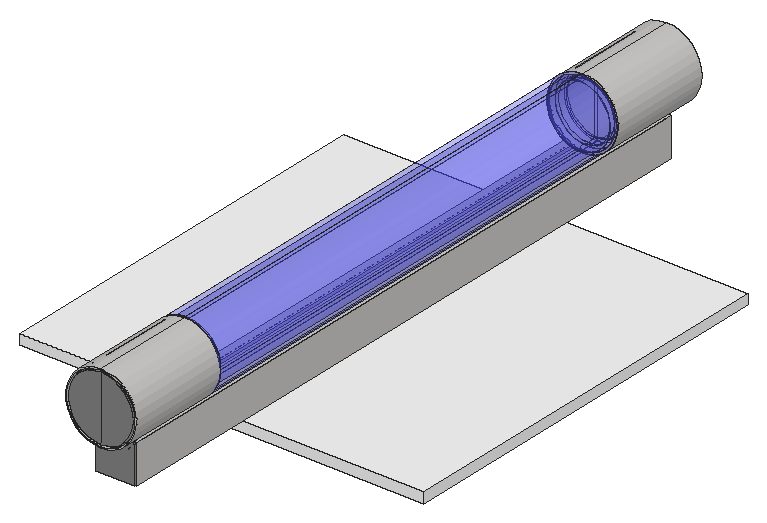
Revit family "BE_23256.2_de_DE", category Leuchten, Revit 2020
Family settings
  Basisbauteil = Fläche
  Bemaßung runder Anschluss = Durchmesser verwenden
  Teiletyp = Normal
  Beim Laden mit Abzugskörper schneiden = Ja
  Lichtquelle = Ja
  Gemeinsam genutzt = Nein
  Raumberechnungspunkt = Ja
Parameters (values of type "BEGA_23256.2_K3")
  built-in parameter 1150104 = 11.613 (stored number, unit not read)
  Wattage = 16 W
  Default Elevation = 0 mm
  built-in parameter 1150113 = 1 (stored number, unit not read)
  built-in parameter 1114218 = 1 (stored number, unit not read)
  Umgebungstemperatur = "25 °C"
  URL = "http://www.bega.de/de/produkt/23256.2"
  Typenkommentare = "© 2022 BEGA. Wir behalten uns das Recht vor, technische Änderungen ohne vorherige Ankündigung vorzunehmen."  # constant formula
  built-in parameter 1150134 = 12
  built-in parameter 1150109 = 1 (stored number, unit not read)
  Strom = ""
  built-in parameter 1150110 = 1 (stored number, unit not read)
  Spannung = 239.996 V
  Sonderanfertigung = no
  Seriennummer [instance] = "Hier können Sie die eindeutige Seriennummer für das Facility Management eintragen."
  Schutzklasse = "I"
  Schutzart = "IP 44"
  Scheinlast = 0 VA
  Produktdatenblatt = "http://www.bega.de/download/Xrfa/db/23256.2.db.de.pdf"
  Oberflächentemperatur = ""
  Neigungswinkel = 0.00°
  Model = "23256.2K4"
  Material_17 = BEGA_Reflektor
  Material_15 = BEGA_Leuchtmedium_matt
  Material_11 = BEGA_Glas_opal
  Material_09 = BEGA_Glas_klar
  Material_06 = BEGA_Oberfläche_Edelstahl_gebürstet
  Material_05 = BEGA_Oberfläche_Aluminium Guss
  Material_04 = BEGA_Kunststoff_Grafit_matt
  Material_03 = BEGA_Oberfläche_Weiss_matt
  Material_02 = BEGA_Oberfläche_Silber_matt
  Material_01 [instance] = BEGA_Oberfläche_Grafit_matt
  M_W = no
  M_G = no
  M_A = no
  Logo = 0
  built-in parameter 1114217 = 1 (stored number, unit not read)
  built-in parameter 1150139 = (empty or 0)
  built-in parameter 1150105 = 159.15 (stored number, unit not read)
  built-in parameter 1150114 = 1 (stored number, unit not read)
  Lumens = 2000 lm
  built-in parameter 1150115 = 1 (stored number, unit not read)
  Leuchtenlichtstrom = "1696 lm"
  Leuchtenanzahl = ""
  Lebensdauerkriterien = "L70B50 @ 25 °C = 425000 h"
  Lastklassifizierung = Beleuchtung
  built-in parameter 1150112 = 1 (stored number, unit not read)
  Lampenlichtstrom = "2240 lm"
  Lampe = "LED 13.6 W"
  LED_Modulbezeichnung = "2x LED-0425/940"
  Hersteller = "BEGA"  # constant formula
  Halbstreuwinkel = ""
  Gewicht = "2.2 kg"
  Gebrauchslageneinschränkung [instance] = ""
  Frequenz = "0/50-60 Hz"
  Farbwiedergabeindex = "CRI > 90"
  Farbtemperaturverschiebung bei Dämpfen der Lampe = <Keine Auswahl>
  Farbtemperatur = "4000 K"
  Color Filter = 16777215
  built-in parameter 1150133 = 10 (stored number, unit not read)
  Energieeffizienzklasse = "LED A++ - A"
  built-in parameter 1150137 = (empty or 0)
  built-in parameter 1150132 = (empty or 0)
  ENEC = ""
  Dimmbar [instance] = ""
  Photometric Web File = "BE_23256.2K4.IES"
  CE_Konformität = "ja"
  Bestellnummer = "23256.2K4"
  Beschreibung_Sonderanfertigung = "Hier können Sie Informationen zur Sonderanfertigung eintragen."
  Beschreibung = "Wandleuchte"
  built-in parameter 1150106 = 1.5915 (stored number, unit not read)
  Befestigungsbohrung = "Ø 6 mm"
  Befestigungsabstand = "460 mm"
  Ballwurfsicher = ""
  BEGA_Intern_aus = yes
  BEGA_Intern_an = yes
  BEGA_Intern_Konstruktion = yes
  BEGA_Intern = yes
  BEGA_IES = yes
  BEGA_Dummy = no
  Anschlussleitung = ""
  Anschlussleistung [instance] = "15.7 W"
  Anschlusskasten = ""
  built-in parameter 1150107 = 4000 (stored number, unit not read)
  built-in parameter 1150102 = (empty or 0)
  built-in parameter 1150138 = (empty or 0)
  Aktualisierung = "2019-07-05T04:00:16"
  Abstand_zur_angestrahlten_Fläche [instance] = ""
  AC/DC = "AC/DC"
Reference planes
  plane 1 "Mitte (Vorne/Hinten)": y = 0
  plane 2: z = 0
  plane 3 "Mitte (Links/Rechts)": x = 0
  plane 4 "Links": x = -35
  plane 5 "Rechts": x = 35
  plane 6 "Unten": y = -349.5
  plane 7 "Oben": y = 349.5
  plane 8 "Vorne": z = 104.517
  plane 9 "Hinten": z = 0
Forms (mm)
  Extrusion 1, solid, material "BEGA_Platte_Weiss"
    sketch origin (0, -1119.2, 0) x (1, 0, 0) y (0, 1, 0)
      loop
        line (-200, 1319.2) -> (-200, 919.2) -> (200, 919.2) -> (200, 1319.2) -> (-200, 1319.2)
    from 0 to -10
  Extrusion 2, solid, material "BEGA_Dummy_matt", visible <- "BEGA_Dummy"
    sketch origin (80.095, -76.023, 0) x (1, 0, 0) y (0, 1, 0)
      loop
        line (-115.095, 425.523) -> (-115.095, -273.477) -> (-45.095, -273.477) -> (-45.095, 425.523) -> (-115.095, 425.523)
    from 0 to 104.517
Dimensions and locks
  plane 1 "Mitte (Vorne/Hinten)" to Extrusion 1 = 200 mm
  aligned and locked: plane 2 to Extrusion 1
  aligned and locked: level to Extrusion 1
Nested families
  nested 1: "BE_23256.2" at (0, 0, 0) x (0, 1, 0) z (0, 0, 1), type "BE_23256.2"
Connectors
  electrical at (0, 0, 0), driven by "Lastklassifizierung", driven by "Spannung", driven by "Scheinlast"
    settings: index 1, voltage 239.996 V, apparent load 0 VA, apparent load phase1 0 VA, apparent load phase2 0 VA, apparent load phase3 0 VA, power factor 1, load classification "Beleuchtung", number of poles 1, system type 31, power factor state 1, is connector primary yes, connector utility no, sub classification motor no, connector description ""
Definition of nested family "BE_23256.2"
  Parameters (values of type "BE_23256.2")
    Default Elevation = 1 mm
    URL = "http://www.bega.de/de/produkt"
    Type Comments = "© 2015 BEGA. Wir behalten uns das Recht vor, technische Änderungen ohne vorherige Ankündigung vorzunehmen. "  # constant formula
    Type Image = (empty or 0)
    Neigungswinkel_um_Z2 = 0.00°
    Neigungswinkel_um_Z1 = 0.00°
    Neigungswinkel_um_Y2 = 0.00°
    Neigungswinkel_um_Y1 = 0.00°
    Neigungswinkel_um_X2 = 0.00°
    Neigungswinkel_um_X1 = 0.00°
    Material_17 = none
    Material_15 = none
    Material_11 = none
    Material_09 = none
    Material_06 = none
    Material_05 = none
    Material_04 = none
    Material_03 = none
    Material_02 = none
    Material_01 = none
    M_W = yes
    M_G = yes
    M_A = yes
    Länge_Platte = 800 mm  # constant formula
    Höhe_Platte = -10 mm  # constant formula
    Manufacturer = "BEGA"  # constant formula
    Drehwinkel_um_Z2 = 0.00°
    Drehwinkel_um_Z1 = 0.00°
    Breite_Platte = 200 mm  # constant formula
  Reference planes
    plane 1 "Mitte (Oben/Unten)": y = 0
    plane 2: z = 0
    plane 3 "Mitte (Links/Rechts)": x = 0
    plane 4: y = 35
    plane 5: y = -35
    plane 6: z = 104.517
    plane 7: x = -349.5
    plane 8: x = 349.5
    plane 9: z = 104.517
  Forms (mm)
    Extrusion 1, solid, detail levels medium
      sketch origin (0, 0, 0) x (1, 0, 0) y (0, 1, 0)
        loop
          line (-400, 100) -> (-400, -100) -> (400, -100) -> (400, 100) -> (-400, 100)
      from 0 to -10 <- "Höhe_Platte"
    Extrusion 2, solid, material <- "Material_06", detail levels medium+fine
      sketch origin (0, 0, 0) x (0, 1, 0) y (0, 0, 1)
        loop
          line (-20, 37.5) -> (-20, 0) -> (-15.75, 0) -> (-15.75, 6.5) -> (-16.8, 6.5)
          arc (-16.8, 6.5) -> (-17.507, 6.793) -> (-17.8, 7.5) r 1
          line (-17.8, 7.5) -> (-17.8, 32.29)
          arc (-17.8, 32.29) -> (-16.811, 33.7) -> (-15.148, 33.251) r 1.5
          line (-15.148, 33.251) -> (-11.917, 29.4) -> (11.917, 29.4) -> (15.148, 33.251)
          arc (15.148, 33.251) -> (16.811, 33.7) -> (17.8, 32.29) r 1.5
          line (17.8, 32.29) -> (17.8, 7.5)
          arc (17.8, 7.5) -> (17.507, 6.793) -> (16.8, 6.5) r 1
          line (16.8, 6.5) -> (15.75, 6.5) -> (15.75, 0) -> (20, 0) -> (20, 37.5) -> (18, 39.5)
          arc (18, 39.5) -> (15.101, 37.578) -> (12, 36.005) r 30
          line (12, 36.005) -> (12, 33.9)
          arc (12, 33.9) -> (11.561, 32.839) -> (10.5, 32.4) r 1.5
          line (10.5, 32.4) -> (-10.5, 32.4)
          arc (-10.5, 32.4) -> (-11.561, 32.839) -> (-12, 33.9) r 1.5
          line (-12, 33.9) -> (-12, 36.005)
          arc (-12, 36.005) -> (-15.101, 37.578) -> (-18, 39.5) r 30
          line (-18, 39.5) -> (-20, 37.5)
      from -330.5 to 329.203
    Extrusion 3, solid, material <- "Material_06", detail levels medium+fine
      sketch origin (0, 0, 0) x (1, 0, 0) y (0, 0, 1)
        loop
          line (222.5, 4.3) -> (222.5, 1) -> (242.5, 1) -> (242.5, 4.3) -> (222.5, 4.3)
        loop
          line (-237.5, 4.3) -> (-237.5, 1) -> (-217.5, 1) -> (-217.5, 4.3) -> (-237.5, 4.3)
      from -17.577 to 17.577
    Extrusion 4, solid, material <- "Material_04", detail levels medium+fine
      sketch origin (0, 0, 0) x (0, 1, 0) y (0, 0, 1)
        loop
          line (-18.99, 0.01) -> (18.99, 0.01) -> (19, 36.578) -> (17.542, 38.036)
          arc (17.542, 38.036) -> (0, 32.49) -> (-17.542, 38.036) r 30.51
          line (-17.542, 38.036) -> (-18.99, 36.588) -> (-18.99, 0.01)
      from 329.203 to 331
    Extrusion 5, solid, material <- "Material_04", detail levels medium+fine
      sketch origin (0, 0, 0) x (0, 1, 0) y (0, 0, -1)
        loop
          line (-18.99, -0.01) -> (-18.99, -36.588) -> (-17.542, -38.036)
          arc (-17.542, -38.036) -> (0, -32.49) -> (17.542, -38.036) r 30.51
          line (17.542, -38.036) -> (19, -36.578) -> (18.99, -0.01) -> (-18.99, -0.01)
      from 330.5 to 332
    Extrusion 6, void
      sketch origin (0, 0, 0) x (1, 0, 0) y (0, 1, 0)
        loop
          arc (229.5, 3) -> (226.5, 0) -> (229.5, -3) r 3
          line (229.5, -3) -> (235.5, -3)
          arc (235.5, -3) -> (237.616, -2.127) -> (238.5, -0.016) r 3
          arc (238.5, -0.016) -> (237.616, 2.127) -> (235.5, 3) r 3
          line (235.5, 3) -> (229.5, 3)
        loop
          arc (-224.5, 3) -> (-227.5, 6) -> (-230.5, 3) r 3
          line (-230.5, 3) -> (-230.5, -3)
          arc (-230.5, -3) -> (-229.628, -5.114) -> (-227.485, -6) r 3
          arc (-227.485, -6) -> (-225.373, -5.116) -> (-224.5, -3) r 3
          line (-224.5, -3) -> (-224.5, 3)
      from 0 to 6.5
    Revolve 7, void
      sketch origin (-299.5, 0, 0) x (0, 1, 0) y (0, 0, 1)
        loop
          line (-6, 32.4) -> (-6, 29.4) -> (0, 29.4) -> (0, 32.4) -> (-6, 32.4)
        axis (0, 32.4) -> (0, 29.4)
      angle from 0 to 360
    Revolve 8, solid, material <- "Material_06", detail levels medium+fine
      sketch origin (0, 0, 0) x (1, 0, 0) y (0, 0, 1)
        loop
          line (-349.5, 103.267) -> (-346.93, 103.267) -> (-346.16, 102.822) -> (-334.5, 102.517) -> (-246.5, 102.517) -> (-246.5, 104.517) -> (-349.5, 104.517) -> (-349.5, 103.267)
        loop
          line (349.5, 103.267) -> (349.5, 104.517) -> (246.5, 104.517) -> (246.5, 102.517) -> (334.5, 102.517) -> (346.16, 102.822) -> (346.93, 103.267) -> (349.5, 103.267)
        axis (-349.5, 69.517) -> (349.5, 69.517)
      angle from 0 to 360
    Revolve 9, solid, material <- "Material_04", detail levels medium+fine
      sketch origin (0, 0, 0) x (1, 0, 0) y (0, 0, 1)
        loop
          line (-349.5, 101.517) -> (-349.5, 69.517) -> (-343.5, 69.517) -> (-343.5, 100.067) -> (-334.5, 100.381) -> (-334.5, 103.017) -> (-346.5, 103.017) -> (-346.5, 101.517) -> (-349.5, 101.517)
        loop
          line (349.5, 101.517) -> (346.5, 101.517) -> (346.5, 103.017) -> (334.5, 103.017) -> (334.5, 100.381) -> (343.5, 100.067) -> (343.5, 69.517) -> (349.5, 69.517) -> (349.5, 101.517)
        axis (-349.5, 69.517) -> (349.5, 69.517)
      angle from 0 to 360
    Revolve 10, solid, material <- "Material_11", detail levels medium+fine
      sketch origin (0, 0, 0) x (1, 0, 0) y (0, 0, 1)
        loop
          line (-252, 98.517) -> (-247.915, 98.517)
          arc (-247.915, 98.517) -> (-243.622, 97.721) -> (-240.493, 100.767) r 4.75
          line (-240.493, 100.767) -> (241.493, 100.767)
          arc (241.493, 100.767) -> (244.622, 97.721) -> (248.915, 98.517) r 4.75
          line (248.915, 98.517) -> (252.836, 98.517) -> (261.25, 97.781) -> (261.25, 69.517) -> (265, 69.517) -> (265, 99.388)
          arc (265, 99.388) -> (264.476, 100.734) -> (263.184, 101.376) r 2
          line (263.184, 101.376) -> (253, 102.267) -> (245, 102.36) -> (245, 104.517) -> (-245, 104.517) -> (-245, 102.267) -> (-252, 102.267) -> (-252, 98.517)
        axis (-252, 69.517) -> (265, 69.517)
      angle from 0 to 360
    Revolve 11, void
      sketch origin (0, 0, 0) x (1, 0, 0) y (0, 0, 1)
        loop
          line (346.8, 79.117) -> (346.8, 69.517) -> (349.713, 69.517) -> (349.713, 79.295) -> (346.8, 79.117)
        axis (346.8, 69.517) -> (349.713, 69.517)
      angle from 0 to 360
    Revolve 12, solid, material <- "Material_06", detail levels fine
      sketch origin (0, 0, 0) x (1, 0, 0) y (0, 0, 1)
        loop
          line (346.8, 79.017) -> (346.8, 69.517) -> (349.3, 69.517) -> (349.3, 79.017) -> (346.8, 79.017)
        axis (346.8, 69.517) -> (349.3, 69.517)
      angle from 0 to 360
  Cuts and joins
    joined: Extrusion 4, Extrusion 5
    Revolve 7 cuts Extrusion 2
    Extrusion 6 cuts Extrusion 3
    joined: Extrusion 2, Extrusion 3
    Revolve 11 cuts Revolve 9
  Dimensions and locks
    equal spacing: Extrusion 1 sketch curve, plane 3 "Mitte (Links/Rechts)", Extrusion 1 sketch curve
    equal spacing: Extrusion 1 sketch curve, plane 1 "Mitte (Oben/Unten)", Extrusion 1 sketch curve
    "Länge_Platte": Extrusion 1 sketch curve to Extrusion 1 sketch curve
    "Breite_Platte": Extrusion 1 sketch curve to Extrusion 1 sketch curve
    aligned and locked: Extrusion 1 to plane 2
    aligned and locked: level to Extrusion 1
  Automatic sketch dimensions
    Extrusion 2 sketch curve to Extrusion 2 sketch curve = 0 mm  (x2)
    Extrusion 2 sketch curve to level = 0 mm  (x2)
    Extrusion 2 sketch curve to plane 1 "Mitte (Oben/Unten)" = 0 mm
    plane 1 "Mitte (Oben/Unten)" to Extrusion 2 sketch curve = 10.5 mm
    Extrusion 2 sketch curve to Extrusion 2 sketch curve = 1.417 mm  (x2)
    Extrusion 2 sketch curve to Extrusion 2 sketch curve = 1.5 mm  (x3)
    Extrusion 2 sketch curve to Extrusion 2 sketch curve = 3.148 mm  (x2)
    plane 1 "Mitte (Oben/Unten)" to Extrusion 2 sketch curve = 15.75 mm
    Extrusion 2 sketch curve to Extrusion 2 sketch curve = 1.152 mm  (x2)
    Extrusion 2 sketch curve to Extrusion 2 sketch curve = 1.05 mm  (x2)
    Extrusion 2 sketch curve to Extrusion 2 sketch curve = 1 mm
    Extrusion 2 sketch curve to Extrusion 2 sketch curve = 2.852 mm  (x2)
    Extrusion 2 sketch curve to Extrusion 2 sketch curve = 2 mm  (x2)
    Extrusion 2 sketch curve to plane 1 "Mitte (Oben/Unten)" = 10.5 mm
    level to Extrusion 2 sketch curve = 6.5 mm  (x2)
    Extrusion 2 sketch curve to plane 1 "Mitte (Oben/Unten)" = 15.75 mm
    Extrusion 2 sketch curve to Extrusion 2 sketch curve = 4.25 mm
    Extrusion 2 sketch curve to Extrusion 2 sketch curve = 21.9 mm
    Extrusion 2 sketch curve to Extrusion 2 sketch curve = 2.89 mm  (x2)
    Extrusion 2 sketch curve to Extrusion 2 sketch curve = 3 mm
    Extrusion 2 sketch curve to Extrusion 2 sketch curve = 2.105 mm  (x2)
    Extrusion 2 sketch curve to Extrusion 2 sketch curve = 5.21 mm  (x2)
    level to Extrusion 3 sketch curve = 1 mm  (x2)
    Extrusion 3 sketch curve to Extrusion 3 sketch curve = 20 mm  (x2)
    level to Extrusion 3 sketch curve = 4.3 mm
    Extrusion 3 sketch curve to Extrusion 3 sketch curve = 3.3 mm
    Extrusion 4 sketch curve to plane 1 "Mitte (Oben/Unten)" = 0 mm
    Extrusion 4 sketch curve to plane 5 = 17.458 mm
    level to Extrusion 4 sketch curve = 0.01 mm
    Extrusion 4 sketch curve to plane 5 = 16.01 mm
    Extrusion 4 sketch curve to plane 4 = 17.458 mm
    Extrusion 4 sketch curve to plane 4 = 16.01 mm
    Extrusion 4 sketch curve to Extrusion 4 sketch curve = 1.458 mm  (x2)
    Extrusion 4 sketch curve to Extrusion 4 sketch curve = 36.567 mm
    Extrusion 4 sketch curve to Extrusion 4 sketch curve = 36.578 mm
    Extrusion 5 sketch curve to plane 1 "Mitte (Oben/Unten)" = 0 mm
    Extrusion 5 sketch curve to plane 5 = 17.458 mm
    level to Extrusion 5 sketch curve = 0.01 mm
    Extrusion 5 sketch curve to plane 5 = 16.01 mm
    Extrusion 5 sketch curve to plane 4 = 17.458 mm
    Extrusion 5 sketch curve to plane 4 = 16.01 mm
    Extrusion 5 sketch curve to Extrusion 5 sketch curve = 1.458 mm
    Extrusion 5 sketch curve to Extrusion 5 sketch curve = 36.567 mm
    Extrusion 5 sketch curve to Extrusion 5 sketch curve = 36.578 mm
    Extrusion 5 sketch curve to Extrusion 5 sketch curve = 1.448 mm
    Extrusion 6 sketch curve to Extrusion 6 sketch curve = 0 mm  (x5)
    plane 1 "Mitte (Oben/Unten)" to Extrusion 6 sketch curve = 0 mm  (x2)
    Extrusion 6 sketch curve to plane 1 "Mitte (Oben/Unten)" = 3 mm
    Extrusion 6 sketch curve to Extrusion 6 sketch curve = 3 mm  (x2)
    plane 1 "Mitte (Oben/Unten)" to Extrusion 6 sketch curve = 3 mm  (x2)
    Extrusion 6 sketch curve to Extrusion 6 sketch curve = 6 mm
    Extrusion 6 sketch curve to Extrusion 6 sketch curve = 0.02 mm
    Extrusion 6 sketch curve to Extrusion 6 sketch curve = 0.035 mm
    Extrusion 6 sketch curve to plane 1 "Mitte (Oben/Unten)" = 0.016 mm
    plane 1 "Mitte (Oben/Unten)" to Extrusion 6 sketch curve = 0.016 mm
    Revolve 7 sketch curve to plane 1 "Mitte (Oben/Unten)" = 0 mm  (x2)
    Revolve 7 sketch curve to Revolve 7 sketch curve = 6 mm
    level to Revolve 7 sketch curve = 29.4 mm
    Revolve 7 sketch curve to Revolve 7 sketch curve = 3 mm
    Revolve 7 sketch curve to Revolve 7 sketch curve = 4.732 mm
    Revolve 7 sketch curve to Revolve 7 sketch curve = 0 mm
    Extrusion 4 sketch curve to Extrusion 4 sketch curve = 24.964 mm
    Extrusion 5 sketch curve to Extrusion 5 sketch curve = 24.964 mm
    Revolve 8 sketch curve to Revolve 8 sketch curve = 2.57 mm
    Revolve 8 sketch curve to Revolve 8 sketch curve = 0.77 mm  (x2)
    Revolve 8 sketch curve to Revolve 8 sketch curve = 11.66 mm
    Revolve 8 sketch curve to Revolve 8 sketch curve = 88 mm
    level to Revolve 8 sketch curve = 102.517 mm  (x2)
    Revolve 8 sketch curve to Revolve 8 sketch curve = 0.305 mm  (x2)
    Revolve 8 sketch curve to Revolve 8 sketch curve = 0.445 mm  (x2)
    Revolve 8 sketch curve to Revolve 8 sketch curve = 2 mm  (x2)
    Revolve 8 sketch curve to Revolve 8 sketch curve = 27.869 mm
    Revolve 8 sketch curve to Revolve 8 sketch curve = 33 mm
    Revolve 9 sketch curve to Revolve 9 sketch curve = 3 mm
    Revolve 9 sketch curve to Revolve 9 sketch curve = 6 mm  (x2)
    Revolve 9 sketch curve to Revolve 9 sketch curve = 9 mm  (x2)
    level to Revolve 9 sketch curve = 69.517 mm  (x2)
    Revolve 9 sketch curve to Revolve 9 sketch curve = 30.55 mm  (x2)
    Revolve 9 sketch curve to Revolve 9 sketch curve = 0.314 mm  (x2)
    Revolve 9 sketch curve to Revolve 9 sketch curve = 1.45 mm  (x2)
    Revolve 9 sketch curve to Revolve 9 sketch curve = 1.5 mm  (x2)
    Revolve 9 sketch curve to Revolve 9 sketch curve = 4 mm
    Revolve 9 sketch curve to Revolve 9 sketch curve = 0 mm
    level to Revolve 12 sketch curve = 69.517 mm
    Revolve 12 sketch curve to Revolve 12 sketch curve = 9.5 mm
    Revolve 12 sketch curve to Revolve 12 sketch curve = 0 mm  (x2)
    Revolve 10 sketch curve to plane 6 = 0 mm
    plane 6 to Revolve 10 sketch curve = 2.25 mm  (x2)
    Revolve 10 sketch curve to Revolve 10 sketch curve = 4.085 mm
    Revolve 10 sketch curve to Revolve 10 sketch curve = 2.915 mm  (x2)
    Revolve 10 sketch curve to Revolve 10 sketch curve = 0 mm
    Revolve 10 sketch curve to Revolve 10 sketch curve = 4.507 mm
    plane 6 to Revolve 10 sketch curve = 3.75 mm
    plane 6 to Revolve 10 sketch curve = 2.157 mm
    Revolve 10 sketch curve to Revolve 10 sketch curve = 3.507 mm
    Revolve 10 sketch curve to Revolve 10 sketch curve = 1 mm
    Revolve 10 sketch curve to Revolve 10 sketch curve = 3.921 mm
    Revolve 10 sketch curve to Revolve 10 sketch curve = 0.164 mm
    Revolve 10 sketch curve to Revolve 10 sketch curve = 8.414 mm
    Revolve 10 sketch curve to Revolve 10 sketch curve = 1.75 mm
    plane 6 to Revolve 10 sketch curve = 3.141 mm
    Revolve 10 sketch curve to Revolve 10 sketch curve = 0.184 mm
    Revolve 10 sketch curve to Revolve 10 sketch curve = 3.75 mm  (x3)
    Revolve 10 sketch curve to Revolve 10 sketch curve = 1.988 mm
    Revolve 10 sketch curve to Revolve 10 sketch curve = 1.604 mm
    Revolve 10 sketch curve to Revolve 10 sketch curve = 28.264 mm
    Revolve 10 sketch curve to plane 3 "Mitte (Links/Rechts)" = 46.5 mm
    plane 3 "Mitte (Links/Rechts)" to Revolve 10 sketch curve = 23.5 mm
    plane 6 to Revolve 10 sketch curve = 35 mm
    Revolve 11 sketch curve to Revolve 11 sketch curve = 2.913 mm
    plane 6 to Revolve 11 sketch curve = 35 mm
    Revolve 11 sketch curve to Revolve 11 sketch curve = 9.6 mm
    Revolve 11 sketch curve to Revolve 11 sketch curve = 0.178 mm
    Revolve 11 sketch curve to Revolve 11 sketch curve = 0 mm  (x2)
    Revolve 11 sketch curve to Revolve 11 sketch curve = 0.462 mm
    plane 7 to Extrusion 3 sketch curve = 132 mm
    plane 7 to Extrusion 6 sketch curve = 125 mm
    Revolve 8 sketch curve to plane 7 = 0 mm
    Revolve 8 sketch curve to Revolve 8 sketch curve = 43.754 mm
    Revolve 9 sketch curve to plane 7 = 0 mm  (x2)
    plane 7 to Revolve 10 sketch curve = 109.007 mm
    plane 8 to Extrusion 3 sketch curve = 127 mm
    plane 8 to Extrusion 6 sketch curve = 120 mm
    Revolve 8 sketch curve to plane 8 = 0 mm
    plane 8 to Revolve 8 sketch curve = 103 mm
    plane 8 to Revolve 8 sketch curve = 15 mm
    plane 8 to Revolve 8 sketch curve = 3.34 mm
    plane 8 to Revolve 9 sketch curve = 0 mm
    plane 8 to Revolve 9 sketch curve = 3 mm
    plane 8 to Revolve 10 sketch curve = 108.007 mm
    plane 8 to Revolve 11 sketch curve = 2.7 mm
    plane 8 to Revolve 12 sketch curve = 2.7 mm
    plane 8 to Revolve 12 sketch curve = 0.2 mm
    Revolve 12 sketch curve to plane 8 = 0.342 mm
